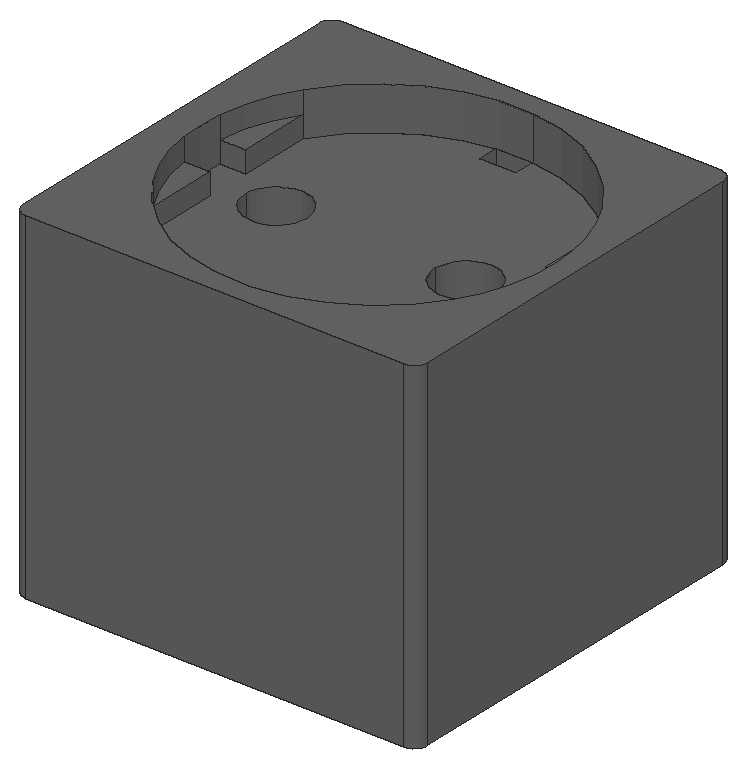
Revit family "Domotics-DomesticRanges-GEWISS-SYSTEM_POWER-SOCKET-OUTLET_DEU", category Apparecchi elettrici, host Superficie, Revit 2016
Family settings
  Host = Superficie
  Mantenere orientamento annotazione = Sì
  Tipo di parte = Normale
  Quota connettore circolare = Usa diametro
  Taglio con vuoti quando caricato = No
  Condiviso = Sì
  Punto di calcolo locali = Sì
Parameters (values of type "GW21265 - 2P+E 16A german std s.-outlet black")
  Voltage: = "250 V ac"
  Voltage = "250 V ac"
  Volt = 230 V
  Vista in pianta [instance] = yes
  Version file RFA = "19.4"
  URL = "https://www.gewiss.com/ww/en"
  Type: = ""
  Type = ""
  Technical sheet = "https://www.gewiss.com/ww/en/search?q=GW21265"
  TXT ELETTRICO = "16"
  TIPO_ = System Prese Ger_GENERICO : GW21265 Presa 2P+T 16A standard Tedesco nero
  Standard: = "German"
  Standard = "German"
  Simbolo [instance] = yes
  SEO = "Socket outlet"
  Realized by GEWISS S.p.A. = ""
  Default Elevation = 1219.2 mm
  Produttore = "GEWISS S.p.A."
  Offset presa [instance] = 0 mm
  Offset bidimensionale [instance] = 39 mm
  No. SYSTEM modules = "2"
  N. poli = 1
  Modello = "GW21265"
  Immagine tipo = GW21265.jpg
  IFC.TypeObject = ""
  IFC.ExportType = ""
  IFC.ExportAs = ""
  IDT = "69867918-0b99-4f07-922d-dcc2e49a9ce3"
  IDF = "dc766728-6194-4f2d-9aeb-2b383f6f0fa6"
  For plug pins = "Ø 4.8 mm"
  Electrocod = "0131"
  EAN code = "8011564128477"
  Distanza_x [instance] = 0 mm
  Distanza_effettiva_y [instance] = 100 mm
  Distanza_effettiva_x [instance] = 1000 mm - Distanza_x  # 1000 mm
  Distanza orizzontale del simbolo [instance] = 66.473 mm
  Distanza dal muro [instance] = 4.208 mm
  Descrizione = "2P+E 16A GERMAN STD S.-OUTLET SY/BK"
  Description: = "2P+E - 16A"
  Description. = "Socket-outlet 16 A"
  Colour = "Black"
  Catalogue Range = "SYSTEM - DOMESTIC RANGE"
  Catalogue = "DOMOTICS"
  Carico apparente = 0 VA
  COBie.Tagnumber = ""
  COBie.CreatedOn = ""
  COBie.CreatebBy = ""
  COBie.ComponentRegisterItemID = ""
  COBie.Component.TagNumber = ""
  COBie.Component.Space = ""
  COBie.Component.SerialNumber = ""
  COBie.Component.InstallationDate = ""
  COBie.Component.Description = ""
  COBie.Component.BarCode = ""
Types (5, lengths in mm): name | Type: | Type | Technical sheet | TIPO_ | Modello | Immagine tipo | IDT | EAN code | Descrizione | Colour
  GW20265 - 2P+E 16A german std s.-outlet white | "" | "" | "https://www.gewiss.com/ww/en/search?q=GW20265" | System Prese Ger_GENERICO : GW20265 Presa 2P+T 16A standard Tedesco bianco | "GW20265" | GW20265.jpg | "539ce9f0-3460-433e-8456-6abc2ff82e13" | "8011564038516" | "2P+E 16A GERMAN STD S.-OUTLET SY/WT" | "White"
  GW20283 - 2P+E 16A germ.st.green socket | "For allocated lines" | "For allocated lines" | "https://www.gewiss.com/ww/en/search?q=GW20283" | System Prese Ger_GENERICO : GW21283 Presa 2P+T 16A standard Tedesco verde | "GW20283" | GW20283.jpg | "f8db4eba-dcba-443d-baf6-eae150203bf8" | "8011564079441" | "2P+E 16A GERM.ST.GREEN SOCKET" | "Green"
  GW20288 - 2P+E 16A germ.st.orange socket | "For allocated lines" | "For allocated lines" | "https://www.gewiss.com/ww/en/search?q=GW20288" | System Prese Ger_GENERICO : GW20288 Presa 2P+T 16A standard Tedesco arancio | "GW20288" | GW20288.jpg | "271a0ba9-118d-4cd3-9fcd-49c32a380a08" | "8011564079472" | "2P+E 16A GERM.ST.ORANGE SOCKET" | "Orange"
  GW20297 - 2P+E 16A germ.st.red socket | "For allocated lines" | "For allocated lines" | "https://www.gewiss.com/ww/en/search?q=GW20297" | System Prese Ger_GENERICO : GW20297 Presa 2P+T 16A standard Tedesco rossa | "GW20297" | GW20297.jpg | "02c1db89-dc70-4ac3-b69c-613b151b504b" | "8011564044883" | "2P+E 16A GERM.ST.RED SOCKET" | "Red"
  GW21265 - 2P+E 16A german std s.-outlet black | "" | "" | "https://www.gewiss.com/ww/en/search?q=GW21265" | System Prese Ger_GENERICO : GW21265 Presa 2P+T 16A standard Tedesco nero | "GW21265" | GW21265.jpg | "69867918-0b99-4f07-922d-dcc2e49a9ce3" | "8011564128477" | "2P+E 16A GERMAN STD S.-OUTLET SY/BK" | "Black"
Reference planes
  plane 1 "Centro (Fronte/Retro)": y = 0
  plane 2: z = 0
  plane 3 "Centro (Sinistra/Destra)": x = 0
  plane 4: x = -1000
  plane 5: x = 0
  plane 6: y = 100
  plane 7: z = 39
  plane 8: z = 0
Lines and regions (mm)
  Masking region 1, visible <- "Vista in pianta"
    outline origin (0, 0, 0) x (1, 0, 0) y (0, 1, 0)
      loop
        line (-23, 22.5) -> (-23, -22.5) -> (23, -22.5) -> (23, 22.5) -> (-23, 22.5)
      loop
        circle (0, 0) r 20.149
      loop
        circle (-10.781, -0.293) r 3.536
      loop
        circle (10.781, -0.293) r 3.536
      loop
        line (-16.577, 2.538) -> (-16.577, 10.706)
        arc (-16.577, 10.706) -> (-18.481, 6.781) -> (-19.495, 2.538) r 20.156
        line (-19.495, 2.538) -> (-16.577, 2.538)
      loop
        arc (-19.495, -2.538) -> (-18.481, -6.781) -> (-16.577, -10.706) r 20.156
        line (-16.577, -10.706) -> (-16.577, -2.538) -> (-19.495, -2.538)
      loop
        line (16.577, 2.538) -> (19.495, 2.538)
        arc (19.495, 2.538) -> (18.481, 6.781) -> (16.577, 10.706) r 20.156
        line (16.577, 10.706) -> (16.577, 2.538)
      loop
        line (19.495, -2.538) -> (16.577, -2.538) -> (16.577, -10.706)
        arc (16.577, -10.706) -> (18.481, -6.781) -> (19.495, -2.538) r 20.156
  Masking region 2, visible <- "Vista in pianta"
    outline origin (0, 0, 0) x (1, 0, 0) y (0, 0, 1)
      loop
        line (-23, 39) -> (-23, 0) -> (23, 0) -> (23, 39) -> (-23, 39)
  Masking region 3, visible <- "Vista in pianta"
    outline origin (0, 0, 0) x (0, 1, 0) y (0, 0, 1)
      loop
        line (-22.5, 39) -> (-22.5, 0) -> (22.5, 0) -> (22.5, 39) -> (-22.5, 39)
Dimensions and locks
  plane 4 to plane 3 "Centro (Sinistra/Destra)" = 1000 mm
  "Distanza_effettiva_x": plane 4 to plane 5
  "Distanza_effettiva_y": plane 6 to plane 1 "Centro (Fronte/Retro)"
  "Offset presa": plane 8 to host face
  "Offset bidimensionale": plane 7 to host face
  aligned and locked: plane 2 to host face
  aligned and locked: level to host face
  aligned and locked: plane 3 "Centro (Sinistra/Destra)" to nested 1
  aligned and locked: plane 1 "Centro (Fronte/Retro)" to nested 1
  aligned and locked: plane 5 to nested 2
  aligned and locked: nested 2 to plane 6
  aligned and locked: Masking region 1 sketch curve to nested 1  (x4)
  aligned and locked: Masking region 2 sketch curve to nested 1  (x4)
  aligned and locked: Masking region 3 sketch curve to nested 1  (x4)
  aligned and locked: import instance to plane 7
  aligned and locked: nested 1 to plane 8
Automatic sketch dimensions
  host sketch curve to host sketch curve = 2438.4 mm  (x2)
  Masking region 1 sketch curve to Masking region 1 sketch curve = 0 mm  (x10)
  plane 1 "Centro (Fronte/Retro)" to Masking region 1 sketch curve = 0 mm  (x3)
  Masking region 1 sketch curve to plane 3 "Centro (Sinistra/Destra)" = 0 mm
  plane 1 "Centro (Fronte/Retro)" to Masking region 1 sketch curve = 2.538 mm  (x2)
  Masking region 1 sketch curve to plane 3 "Centro (Sinistra/Destra)" = 19.495 mm
  Masking region 1 sketch curve to Masking region 1 sketch curve = 2.918 mm  (x4)
  plane 1 "Centro (Fronte/Retro)" to Masking region 1 sketch curve = 0.293 mm  (x2)
  Masking region 1 sketch curve to Masking region 1 sketch curve = 5.796 mm  (x2)
  Masking region 1 sketch curve to Masking region 1 sketch curve = 0.5 mm
  plane 3 "Centro (Sinistra/Destra)" to Masking region 1 sketch curve = 0.5 mm
  Masking region 1 sketch curve to Masking region 1 sketch curve = 10.281 mm
  Masking region 1 sketch curve to plane 1 "Centro (Fronte/Retro)" = 2.538 mm  (x2)
  Masking region 1 sketch curve to Masking region 1 sketch curve = 2.261 mm
  Masking region 1 sketch curve to Masking region 1 sketch curve = 3.536 mm
  radius of Masking region 1 sketch curve = 20.149 mm
Nested families
  nested 1: "System Prese Ger_GENERICO" at (0, 0, 0), type <- "TIPO_", type "GW21265 Presa 2P+T 16A standard Tedesco nero", detail levels medium+fine
  nested 2: "SIMBOLO PRESE" at (0, 100, 0), TESTO ELETTRICO <- "TXT ELETTRICO", Distanza dal muro <- "Distanza dal muro", SIMBOLO <- "Simbolo", visible <- "Simbolo", type "PRESA"
    with TESTO ELETTRICO "16", SIMBOLO yes, Distanza dal muro 4.208 mm, BORDO ACCESO yes
Connectors
  electrical at (0, 0, 0), driven by "N. poli", driven by "Volt", driven by "Carico apparente"
    settings: on nested 1, index 1, voltage 230 V, apparent load 0 VA, apparent load phase1 0 VA, apparent load phase2 0 VA, apparent load phase3 0 VA, power factor 1, load classification "Altro", number of poles 1, system type 31, power factor state 1, is connector primary yes, connector utility no, sub classification motor no, connector description ""
Definition of nested family "System Prese Ger_GENERICO"
  Parameters (values of type "GW21283 Presa 2P+T 16A standard Tedesco verde")
    Profondità presa = 39 mm
    Finitura Prese Israele = none
    Altezza da Terra = 750 mm
  Types (5): name
    GW20265 Presa 2P+T 16A standard Tedesco bianco
    GW20297 Presa 2P+T 16A standard Tedesco rossa
    GW21265 Presa 2P+T 16A standard Tedesco nero
    GW20288 Presa 2P+T 16A standard Tedesco arancio
    GW21283 Presa 2P+T 16A standard Tedesco verde
  Reference planes
    plane 1 "Centro (Fronte/Retro)": y = 0
    plane 2: z = 0
    plane 3 "Centro (Sinistra/Destra)": x = 0
    plane 4: y = -22.5
    plane 5: y = 22.5
    plane 6: x = -23
    plane 7: x = 23
    plane 8: z = 34
    plane 9: z = 0
    plane 10: z = 36.5
    plane 11: z = 39
  Forms (mm)
    Extrusion 1, solid, material <- "Finitura Prese Israele"
      sketch origin (0, -772.5, 39) x (1, 0, 0) y (0, 1, 0)
        loop
          arc (-21.5, 795) -> (-22.561, 794.561) -> (-23, 793.5) r 1.5
          line (-23, 793.5) -> (-23, 751.5)
          arc (-23, 751.5) -> (-22.561, 750.439) -> (-21.5, 750) r 1.5
          line (-21.5, 750) -> (21.5, 750)
          arc (21.5, 750) -> (22.561, 750.439) -> (23, 751.5) r 1.5
          line (23, 751.5) -> (23, 793.5)
          arc (23, 793.5) -> (22.561, 794.561) -> (21.5, 795) r 1.5
          line (21.5, 795) -> (-21.5, 795)
      from 0 to -39
    Extrusion 2, void
      sketch origin (0, -772.5, 39) x (1, 0, 0) y (0, 1, 0)
        loop
          arc (-19.495, 775.038) -> (-19.656, 772.5) -> (-19.495, 769.962) r 20.156
          line (-19.495, 769.962) -> (-16.577, 769.962) -> (-16.577, 761.794)
          arc (-16.577, 761.794) -> (-8.57, 754.5) -> (2.056, 752.405) r 20.156
          arc (2.056, 752.405) -> (10.933, 755.254) -> (17.577, 761.794) r 20.156
          line (17.577, 761.794) -> (17.577, 769.962) -> (20.495, 769.962)
          arc (20.495, 769.962) -> (20.656, 772.5) -> (20.495, 775.038) r 20.156
          line (20.495, 775.038) -> (17.577, 775.038) -> (17.577, 783.206)
          arc (17.577, 783.206) -> (10.933, 789.746) -> (2.056, 792.595) r 20.156
          arc (2.056, 792.595) -> (-8.57, 790.5) -> (-16.577, 783.206) r 20.156
          line (-16.577, 783.206) -> (-16.577, 775.038) -> (-19.495, 775.038)
      from -5 to 0
    Extrusion 3, void
      sketch origin (0, -772.5, 39) x (1, 0, 0) y (0, 1, 0)
        loop
          arc (-19.495, 769.962) -> (-18.481, 765.719) -> (-16.577, 761.794) r 20.156
          line (-16.577, 761.794) -> (-16.577, 769.962) -> (-19.495, 769.962)
        loop
          line (20.495, 769.962) -> (17.577, 769.962) -> (17.577, 761.794)
          arc (17.577, 761.794) -> (19.481, 765.719) -> (20.495, 769.962) r 20.156
        loop
          arc (-2.056, 752.507) -> (-0.003, 752.351) -> (2.056, 752.405) r 20.156
          line (2.056, 752.405) -> (2.056, 754.774) -> (-2.056, 754.774) -> (-2.056, 752.507)
        loop
          line (-16.577, 775.038) -> (-16.577, 783.206)
          arc (-16.577, 783.206) -> (-18.481, 779.281) -> (-19.495, 775.038) r 20.156
          line (-19.495, 775.038) -> (-16.577, 775.038)
        loop
          arc (20.495, 775.038) -> (19.481, 779.281) -> (17.577, 783.206) r 20.156
          line (17.577, 783.206) -> (17.577, 775.038) -> (20.495, 775.038)
        loop
          line (2.056, 790.226) -> (2.056, 792.595)
          arc (2.056, 792.595) -> (-0.003, 792.649) -> (-2.056, 792.493) r 20.156
          line (-2.056, 792.493) -> (-2.056, 790.226) -> (2.056, 790.226)
      from -2.5 to 0
    Extrusion 4, void
      sketch origin (0, -772.5, 39) x (1, 0, 0) y (0, 1, 0)
        loop
          circle (10.781, 772.207) r 3.536
        loop
          circle (-10.781, 772.207) r 3.536
      from -20 to -5
    Extrusion 5, void
      sketch origin (0, -772.5, 39) x (1, 0, 0) y (0, 1, 0)
        loop
          line (-2.056, 792.493) -> (-2.056, 790.226) -> (2.056, 790.226) -> (2.056, 792.595)
          arc (2.056, 792.595) -> (-0.003, 792.649) -> (-2.056, 792.493) r 20.156
        loop
          arc (-2.056, 752.507) -> (-0.003, 752.351) -> (2.056, 752.405) r 20.156
          line (2.056, 752.405) -> (2.056, 754.774) -> (-2.056, 754.774) -> (-2.056, 752.507)
      from -20 to -5
  Cuts and joins
    Extrusion 2, Extrusion 3, Extrusion 4, Extrusion 5 cuts Extrusion 1
  Dimensions and locks
    "Profondità presa": plane 11 to level
    aligned and locked: level to plane 2
    aligned and locked: Extrusion 1 to plane 9
    aligned and locked: Extrusion 2 to plane 8
    aligned and locked: Extrusion 3 to plane 10
    aligned and locked: plane 8 to Extrusion 4
    aligned and locked: plane 8 to Extrusion 5
  Automatic sketch dimensions
    Extrusion 1 sketch curve to plane 6 = 0 mm
    Extrusion 1 sketch curve to plane 4 = 0 mm
    Extrusion 1 sketch curve to plane 5 = 0 mm
    Extrusion 1 sketch curve to plane 7 = 0 mm
    plane 6 to Extrusion 1 sketch curve = 1.5 mm  (x2)
    Extrusion 1 sketch curve to plane 7 = 1.5 mm  (x2)
    Extrusion 2 sketch curve to Extrusion 2 sketch curve = 0 mm  (x32)
    plane 1 "Centro (Fronte/Retro)" to Extrusion 2 sketch curve = 0 mm
    plane 6 to Extrusion 2 sketch curve = 3.505 mm
    plane 1 "Centro (Fronte/Retro)" to Extrusion 2 sketch curve = 2.538 mm
    Extrusion 2 sketch curve to Extrusion 2 sketch curve = 2.918 mm  (x2)
    plane 3 "Centro (Sinistra/Destra)" to Extrusion 2 sketch curve = 0.5 mm
    Extrusion 2 sketch curve to plane 7 = 5.423 mm
    Extrusion 2 sketch curve to plane 1 "Centro (Fronte/Retro)" = 2.538 mm
    Extrusion 2 sketch curve to plane 7 = 2.505 mm  (x2)
    Extrusion 2 sketch curve to Extrusion 2 sketch curve = 8.169 mm  (x2)
    plane 3 "Centro (Sinistra/Destra)" to Extrusion 2 sketch curve = 2.056 mm  (x2)
    Extrusion 3 sketch curve to Extrusion 3 sketch curve = 0 mm  (x32)
    plane 1 "Centro (Fronte/Retro)" to Extrusion 3 sketch curve = 0 mm
    plane 6 to Extrusion 3 sketch curve = 3.505 mm
    Extrusion 3 sketch curve to Extrusion 3 sketch curve = 2.918 mm  (x2)
    Extrusion 3 sketch curve to plane 3 "Centro (Sinistra/Destra)" = 2.056 mm  (x2)
    plane 3 "Centro (Sinistra/Destra)" to Extrusion 3 sketch curve = 0.5 mm
    plane 3 "Centro (Sinistra/Destra)" to Extrusion 3 sketch curve = 2.056 mm  (x2)
    Extrusion 3 sketch curve to plane 1 "Centro (Fronte/Retro)" = 2.538 mm  (x2)
    Extrusion 3 sketch curve to plane 7 = 5.423 mm  (x2)
    Extrusion 3 sketch curve to plane 7 = 2.505 mm  (x2)
    plane 1 "Centro (Fronte/Retro)" to Extrusion 3 sketch curve = 2.538 mm  (x2)
    Extrusion 3 sketch curve to Extrusion 3 sketch curve = 8.169 mm
    plane 4 to Extrusion 3 sketch curve = 4.774 mm
    Extrusion 3 sketch curve to Extrusion 3 sketch curve = 2.369 mm
    Extrusion 3 sketch curve to plane 5 = 4.774 mm
    Extrusion 3 sketch curve to Extrusion 3 sketch curve = 2.267 mm
    plane 1 "Centro (Fronte/Retro)" to Extrusion 4 sketch curve = 0.293 mm  (x2)
    Extrusion 4 sketch curve to plane 3 "Centro (Sinistra/Destra)" = 10.781 mm
    plane 3 "Centro (Sinistra/Destra)" to Extrusion 4 sketch curve = 10.781 mm
    Extrusion 5 sketch curve to Extrusion 5 sketch curve = 0 mm  (x2)
    plane 1 "Centro (Fronte/Retro)" to Extrusion 5 sketch curve = 0 mm
    Extrusion 5 sketch curve to plane 3 "Centro (Sinistra/Destra)" = 2.056 mm  (x2)
    plane 3 "Centro (Sinistra/Destra)" to Extrusion 5 sketch curve = 0.5 mm
    plane 3 "Centro (Sinistra/Destra)" to Extrusion 5 sketch curve = 2.056 mm  (x2)
    plane 4 to Extrusion 5 sketch curve = 4.774 mm
    Extrusion 5 sketch curve to Extrusion 5 sketch curve = 2.267 mm  (x2)
    Extrusion 5 sketch curve to plane 5 = 4.774 mm
    radius of Extrusion 4 sketch curve = 3.536 mm  (x2)
Definition of nested family "SIMBOLO PRESE"
  Parameters (values of type "PRESA")
    TESTO ELETTRICO [instance] = "TXT"
    Simbolo = SIMBOLO PRESE_BASE : PRESA
    SIMBOLO [instance] = yes
    Distanza dal muro [instance] = 4.208 mm
    BORDO ACCESO [instance] = yes
  Reference planes
    plane 1: y = 0
    plane 2: x = 0
  Dimensions and locks
    aligned and locked: plane 1 to nested 1
    aligned and locked: plane 2 to nested 1
  Nested families
    nested 1: "SIMBOLO PRESE_BASE" at (0, 0, 0), type <- "Simbolo", TESTO ELETTRICO <- "TESTO ELETTRICO", BORDO ACCESO <- "BORDO ACCESO", visible <- "SIMBOLO", type "PRESA"
      with TESTO ELETTRICO "TXT", BORDO ACCESO yes
  Definition of nested family "SIMBOLO PRESE_BASE"
    Parameters (values of type "PRESA")
      TESTO ELETTRICO [instance] = "TXT"
      Distanza dal muro = 4.208 mm
      BORDO ACCESO [instance] = yes
    Reference planes
      plane 1: y = 0
      plane 2: x = 0
    Lines and regions (mm)
      detail lines, visible <- "BORDO ACCESO", not visible
        curve 1: line (-1.743, 9.208, 0) -> (2.057, 9.208, 0)
        curve 2: line (2.057, 9.208, 0) -> (2.057, 4.208, 0)
        curve 3: line (2.057, 4.208, 0) -> (-1.743, 4.208, 0)
        curve 4: line (-1.743, 4.208, 0) -> (-1.743, 9.208, 0)
        curve 5: line (-1.543, 9.008, 0) -> (1.857, 9.008, 0)
        curve 6: line (1.857, 9.008, 0) -> (1.857, 4.408, 0)
        curve 7: line (1.857, 4.408, 0) -> (-1.543, 4.408, 0)
        curve 8: line (-1.543, 4.408, 0) -> (-1.543, 9.008, 0)
      detail lines
        curve 9: line (0.783, 1.133, 0) -> (-0.783, 1.133, 0)
        curve 10: line (0, 1.133, 0) -> (0, 0.349, 0)
        curve 11: arc (-0.783, 1.916, 0) -> (0, 1.133, 0) -> (0.783, 1.916, 0) r 0.783
    Text (mm)
      label "TXT" at (0.016, 1.578, 0), shows "TESTO ELETTRICO"
